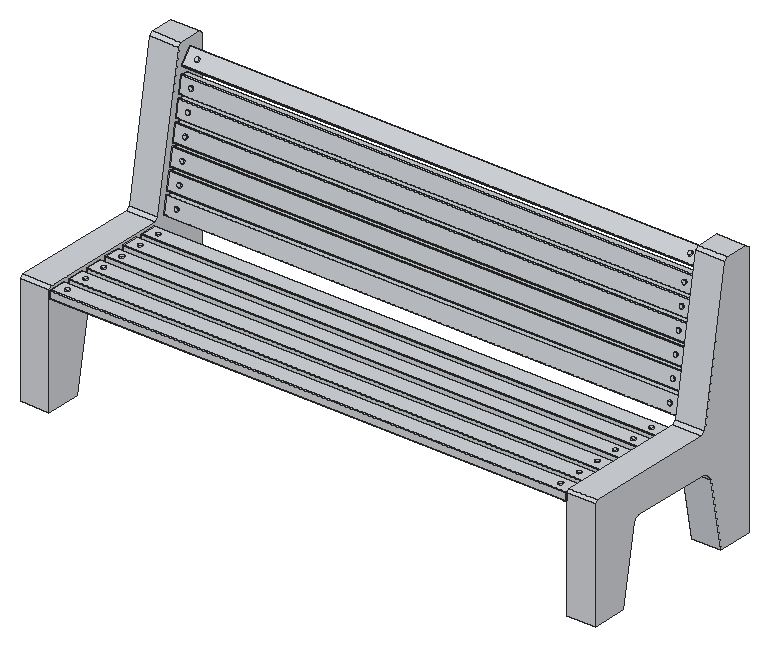
Revit family "Скамейка гранитная ГС-021", category Мебель, Revit 2017
Family settings
  Номер OmniClass = 23.40.20.00
  Заголовок OmniClass = General Furniture and Specialties
  На основе рабочей плоскости = Нет
  Всегда вертикально = Да
  При загрузке вырезать с полостями = Нет
  Общий = Нет
  Точка расчета площади = Нет
Parameters (values of type "Скамейка гранитная ГС-021")
  Стоимость = 62200
  Изготовитель = "ООО \"Хоббика\""
  Длина доски = ADSK_Размер_Длина - 200 mm  # 1800 mm
  URL = "https://hobbyka.ru/product/skameika_granitnaia_gs-021/?sphrase_id=61006"
  ADSK_Размер_Толщина опры = 100 mm
  ADSK_Размер_Длина = 2000 mm
  ADSK_Размер_Высота спинки = 461 mm
  ADSK_Размер_Высота сидения = 459 mm
  ADSK_Размер_Высота = 900 mm
  ADSK_Наименование = "Скамейка гранитная ГС-021"
  ADSK_Материал фурнитуры = none
  ADSK_Материал опоры = none
  ADSK_Материал доски = none
  ADSK_Код изделия = "6908"
Reference planes
  plane 1 "По центру (Вперед/Назад)": y = 0
  plane 2: z = 0
  plane 3 "По центру (Влево/Вправо)": x = 0
  plane 4 "Слева": x = -1000
  plane 5: x = 1000
  plane 6: x = -900.135
  plane 7: x = 899.865
Forms (mm)
  Extrusion 1, solid, material <- "ADSK_Материал опоры"
    sketch origin (0, 0, 0) x (0, 1, 0) y (0, 0, 1)
      loop
        line (-129.665, 237.18) -> (-84.909, 0) -> (35.091, 0) -> (35.091, 890.161) -> (25.091, 900) -> (-54.909, 900) -> (-66.694, 890.161) -> (-155.43, 401.002) -> (-167.215, 391.162) -> (-619.909, 391.162) -> (-629.909, 381.162) -> (-629.909, 0) -> (-509.909, 0) -> (-462.979, 248.726)
        arc (-462.979, 248.726) -> (-456.087, 260.403) -> (-443.33, 265) r 20
        line (-443.33, 265) -> (-163.243, 265.002)
        arc (-163.243, 265.002) -> (-141.44, 257.143) -> (-129.665, 237.18) r 34.174
    from -1000 to -900.135
  Extrusion 2, solid, not visible
    sketch origin (0, 0, 0) x (1, 0, 0) y (0, 1, 0)
      loop
        line (-900.135, -571.909) -> (899.596, -571.909) -> (899.596, 78.372) -> (-900.135, 35.091) -> (-900.135, -571.909)
    from 0 to 353.162
  Extrusion 3, solid, not visible
    sketch origin (0, 0, 0) x (0, 1, 0) y (0, 0, 1)
      loop
        line (-113.619, 353.162) -> (0, 353.162) -> (0, 857.835) -> (-28.078, 824.705) -> (-113.619, 353.162)
    from 0 to 250
  Extrusion 4, solid, material <- "ADSK_Материал опоры"
    sketch origin (0, 0, 0) x (0, 1, 0) y (0, 0, -1)
      loop
        arc (-129.665, -237.18) -> (-141.44, -257.143) -> (-163.243, -265.002) r 34.174
        line (-163.243, -265.002) -> (-443.33, -265)
        arc (-443.33, -265) -> (-456.087, -260.403) -> (-462.979, -248.726) r 20
        line (-462.979, -248.726) -> (-509.909, 0) -> (-629.909, 0) -> (-629.909, -381.162) -> (-619.909, -391.162) -> (-167.215, -391.162) -> (-155.43, -401.002) -> (-66.694, -890.161) -> (-54.909, -900) -> (25.091, -900) -> (35.091, -890.161) -> (35.091, 0) -> (-84.909, 0) -> (-129.665, -237.18)
    from -899.865 to -1000
Dimensions and locks
  equal spacing: plane 4 "Слева", plane 3 "По центру (Влево/Вправо)", plane 5
  "ADSK_Размер_Длина": plane 4 "Слева" to plane 5
  locked: plane 4 "Слева" to plane 6 at 99.865
  locked: plane 5 to plane 7 at 100.135
  plane 6 to plane 7 = 1800 mm
  aligned and locked: level to plane 2
  aligned and locked: Extrusion 1 to plane 4 "Слева"
  aligned and locked: plane 6 to Extrusion 1
  aligned and locked: plane 6 to nested 1
  aligned and locked: nested 13 to plane 6
  aligned and locked: nested 8 to plane 6
  aligned and locked: nested 7 to plane 6
  aligned and locked: nested 9 to plane 6
  aligned and locked: nested 11 to plane 6
  aligned and locked: nested 10 to plane 6
  aligned and locked: nested 12 to plane 6
  aligned and locked: plane 6 to nested 2
  aligned and locked: plane 6 to nested 3
  aligned and locked: plane 6 to nested 4
  aligned and locked: plane 6 to nested 5
  aligned and locked: plane 6 to nested 6
  aligned and locked: plane 5 to Extrusion 4
  aligned and locked: Extrusion 4 to plane 7
Automatic sketch dimensions
  Extrusion 1 sketch curve to level = 0 mm  (x2)
  plane 1 "По центру (Вперед/Назад)" to Extrusion 1 sketch curve = 629.909 mm
  Extrusion 1 sketch curve to Extrusion 1 sketch curve = 10 mm
  Extrusion 1 sketch curve to Extrusion 1 sketch curve = 120 mm
  Extrusion 1 sketch curve to Extrusion 1 sketch curve = 156.929 mm
  Extrusion 1 sketch curve to Extrusion 1 sketch curve = 19.65 mm
  plane 1 "По центру (Вперед/Назад)" to Extrusion 1 sketch curve = 167.215 mm
  Extrusion 1 sketch curve to Extrusion 1 sketch curve = 3.972 mm
  Extrusion 1 sketch curve to Extrusion 1 sketch curve = 11.785 mm  (x2)
  Extrusion 1 sketch curve to Extrusion 1 sketch curve = 33.578 mm
  plane 1 "По центру (Вперед/Назад)" to Extrusion 1 sketch curve = 84.909 mm
  plane 1 "По центру (Вперед/Назад)" to Extrusion 1 sketch curve = 66.694 mm
  Extrusion 1 sketch curve to plane 1 "По центру (Вперед/Назад)" = 25.091 mm
  Extrusion 1 sketch curve to plane 1 "По центру (Вперед/Назад)" = 35.091 mm
  level to Extrusion 1 sketch curve = 230.828 mm
  Extrusion 1 sketch curve to Extrusion 1 sketch curve = 6.352 mm
  Extrusion 1 sketch curve to Extrusion 1 sketch curve = 20.002 mm
  Extrusion 1 sketch curve to Extrusion 1 sketch curve = 3.726 mm
  Extrusion 1 sketch curve to Extrusion 1 sketch curve = 132.436 mm
  Extrusion 1 sketch curve to Extrusion 1 sketch curve = 126.161 mm
  Extrusion 1 sketch curve to Extrusion 1 sketch curve = 9.839 mm  (x2)
  Extrusion 1 sketch curve to Extrusion 1 sketch curve = 489.159 mm
  Extrusion 1 sketch curve to Extrusion 1 sketch curve = 0 mm  (x2)
  Extrusion 2 sketch curve to plane 6 = 0 mm
  plane 7 to Extrusion 2 sketch curve = 0.269 mm
  plane 1 "По центру (Вперед/Назад)" to Extrusion 2 sketch curve = 571.909 mm
  Extrusion 2 sketch curve to plane 1 "По центру (Вперед/Назад)" = 35.091 mm
  Extrusion 2 sketch curve to plane 1 "По центру (Вперед/Назад)" = 78.372 mm
  Extrusion 3 sketch curve to plane 1 "По центру (Вперед/Назад)" = 0 mm
  plane 1 "По центру (Вперед/Назад)" to Extrusion 3 sketch curve = 28.078 mm
  plane 1 "По центру (Вперед/Назад)" to Extrusion 3 sketch curve = 113.619 mm
  level to Extrusion 3 sketch curve = 353.162 mm
  Extrusion 3 sketch curve to Extrusion 3 sketch curve = 471.543 mm
  Extrusion 3 sketch curve to Extrusion 3 sketch curve = 33.13 mm
  Extrusion 4 sketch curve to level = 0 mm  (x2)
  plane 1 "По центру (Вперед/Назад)" to Extrusion 4 sketch curve = 629.909 mm
  Extrusion 4 sketch curve to Extrusion 4 sketch curve = 10 mm  (x2)
  Extrusion 4 sketch curve to Extrusion 4 sketch curve = 120 mm
  Extrusion 4 sketch curve to Extrusion 4 sketch curve = 156.929 mm
  Extrusion 4 sketch curve to Extrusion 4 sketch curve = 19.65 mm
  plane 1 "По центру (Вперед/Назад)" to Extrusion 4 sketch curve = 167.215 mm
  Extrusion 4 sketch curve to Extrusion 4 sketch curve = 3.972 mm
  Extrusion 4 sketch curve to Extrusion 4 sketch curve = 11.785 mm  (x2)
  Extrusion 4 sketch curve to Extrusion 4 sketch curve = 33.578 mm
  plane 1 "По центру (Вперед/Назад)" to Extrusion 4 sketch curve = 84.909 mm
  plane 1 "По центру (Вперед/Назад)" to Extrusion 4 sketch curve = 66.694 mm
  Extrusion 4 sketch curve to plane 1 "По центру (Вперед/Назад)" = 25.091 mm
  Extrusion 4 sketch curve to plane 1 "По центру (Вперед/Назад)" = 35.091 mm
  level to Extrusion 4 sketch curve = 230.828 mm
  Extrusion 4 sketch curve to Extrusion 4 sketch curve = 6.352 mm
  Extrusion 4 sketch curve to Extrusion 4 sketch curve = 20.002 mm
  Extrusion 4 sketch curve to Extrusion 4 sketch curve = 3.726 mm
  Extrusion 4 sketch curve to Extrusion 4 sketch curve = 132.436 mm
  Extrusion 4 sketch curve to Extrusion 4 sketch curve = 9.839 mm  (x2)
  Extrusion 4 sketch curve to Extrusion 4 sketch curve = 489.159 mm
  Extrusion 4 sketch curve to Extrusion 4 sketch curve = 0 mm  (x2)
Nested families
  nested 1: "Доска" at (-900.135, -629.909, 353.162), Длина доски <- "Длина доски", Материал <- "ADSK_Материал доски", Материал фурнитуры <- "ADSK_Материал фурнитуры", type "Доска"
    with Материал фурнитуры none, Материал none, Длина доски 1800 mm
  nested 2: "Доска" at (-900.135, -551.052, 353.162), Длина доски <- "Длина доски", Материал <- "ADSK_Материал доски", Материал фурнитуры <- "ADSK_Материал фурнитуры", type "Доска"
    with Материал фурнитуры none, Материал none, Длина доски 1800 mm
  nested 3: "Доска" at (-900.135, -472.195, 353.162), Длина доски <- "Длина доски", Материал <- "ADSK_Материал доски", Материал фурнитуры <- "ADSK_Материал фурнитуры", type "Доска"
    with Материал фурнитуры none, Материал none, Длина доски 1800 mm
  nested 4: "Доска" at (-900.135, -393.338, 353.162), Длина доски <- "Длина доски", Материал <- "ADSK_Материал доски", Материал фурнитуры <- "ADSK_Материал фурнитуры", type "Доска"
    with Материал фурнитуры none, Материал none, Длина доски 1800 mm
  nested 5: "Доска" at (-900.135, -314.48, 353.162), Длина доски <- "Длина доски", Материал <- "ADSK_Материал доски", Материал фурнитуры <- "ADSK_Материал фурнитуры", type "Доска"
    with Материал фурнитуры none, Материал none, Длина доски 1800 mm
  nested 6: "Доска" at (-900.135, -235.623, 353.162), Длина доски <- "Длина доски", Материал <- "ADSK_Материал доски", Материал фурнитуры <- "ADSK_Материал фурнитуры", type "Доска"
    with Материал фурнитуры none, Материал none, Длина доски 1800 mm
  nested 7: "Доска" at (899.865, -95.502, 453.031) x (-1, 0, 0) z (0, -0.9839, 0.1785), Длина доски <- "Длина доски", Материал <- "ADSK_Материал доски", Материал фурнитуры <- "ADSK_Материал фурнитуры", type "Доска"
    with Материал фурнитуры none, Материал none, Длина доски 1800 mm
  nested 8: "Доска" at (899.865, -82.84, 522.832) x (-1, 0, 0) z (0, -0.9839, 0.1785), Длина доски <- "Длина доски", Материал <- "ADSK_Материал доски", Материал фурнитуры <- "ADSK_Материал фурнитуры", type "Доска"
    with Материал фурнитуры none, Материал none, Длина доски 1800 mm
  nested 9: "Доска" at (899.865, -70.178, 592.633) x (-1, 0, 0) z (0, -0.9839, 0.1785), Длина доски <- "Длина доски", Материал <- "ADSK_Материал доски", Материал фурнитуры <- "ADSK_Материал фурнитуры", type "Доска"
    with Материал фурнитуры none, Материал none, Длина доски 1800 mm
  nested 10: "Доска" at (899.865, -57.515, 662.434) x (-1, 0, 0) z (0, -0.9839, 0.1785), Длина доски <- "Длина доски", Материал <- "ADSK_Материал доски", Материал фурнитуры <- "ADSK_Материал фурнитуры", type "Доска"
    with Материал фурнитуры none, Материал none, Длина доски 1800 mm
  nested 11: "Доска" at (899.865, -44.853, 732.235) x (-1, 0, 0) z (0, -0.9839, 0.1785), Длина доски <- "Длина доски", Материал <- "ADSK_Материал доски", Материал фурнитуры <- "ADSK_Материал фурнитуры", type "Доска"
    with Материал фурнитуры none, Материал none, Длина доски 1800 mm
  nested 12: "Доска" at (899.865, -32.191, 802.035) x (-1, 0, 0) z (0, -0.9839, 0.1785), Длина доски <- "Длина доски", Материал <- "ADSK_Материал доски", Материал фурнитуры <- "ADSK_Материал фурнитуры", type "Доска"
    with Материал фурнитуры none, Материал none, Длина доски 1800 mm
  nested 13: "Доска" at (899.865, 1.293, 859.361) x (-1, 0, 0) z (0, -0.7629, 0.6465), Длина доски <- "Длина доски", Материал <- "ADSK_Материал доски", Материал фурнитуры <- "ADSK_Материал фурнитуры", type "Доска"
    with Материал фурнитуры none, Материал none, Длина доски 1800 mm
Definition of nested family "Доска"
  Parameters (values of type "Доска")
    Default Elevation = 0 mm
    Материал фурнитуры [instance] = none
    Материал [instance] = none
    Длина доски [instance] = 1500 mm
  Reference planes
    plane 1 "По центру (Вперед/Назад)": y = 0
    plane 2: z = 0
    plane 3 "По центру (Влево/Вправо)": x = 0
    plane 4 "1": x = 4
    plane 5: x = 40
    plane 6: y = 30
    plane 7: x = 1456
    plane 8 "2": x = 1496
    plane 9 "Справа": x = 1500
  Forms (mm)
    Extrusion 1, solid
      sketch origin (0, 0, 0) x (1, 0, 0) y (0, 1, 0)
        loop
          line (-1219.2, 1219.2) -> (-1219.2, -1219.2) -> (1219.2, -1219.2) -> (1219.2, 1219.2) -> (-1219.2, 1219.2)
      from 0 to -304.8
    Extrusion 2, solid, material <- "Материал"
      sketch origin (0, 0, -353.162) x (0, 1, 0) y (0, 0, 1)
        loop
          line (2, 383.154) -> (0, 381.162) -> (0, 355.162) -> (2, 353.162) -> (58, 353.162) -> (60, 355.162) -> (60, 381.162) -> (58, 383.154) -> (2, 383.154)
      from 4 to 1496
    Blend 3, solid, material <- "Материал"
      base sketch origin (0, 0, -353.162) x (0, 1, 0) y (0, 0, 1)
        loop
          line (58, 383.162) -> (2, 383.162) -> (0, 381.162) -> (0, 355.162) -> (2, 353.162) -> (58, 353.162) -> (60, 355.162) -> (60, 381.162) -> (58, 383.162)
      top sketch origin (4, 0, -353.162) x (0, 1, 0) y (0, 0, 1)
        loop
          line (2.828, 381.162) -> (2, 380.334) -> (2, 355.991) -> (2.828, 355.162) -> (57.172, 355.162) -> (58, 355.991) -> (58, 380.334) -> (57.172, 381.162) -> (2.828, 381.162)
      from 4 to -4
    Extrusion 4, solid, material <- "Материал фурнитуры"
      sketch origin (0, 0, 0) x (1, 0, 0) y (0, 1, 0)
        loop
          circle (40, 30) r 7
        loop
          circle (1456, 30) r 7
      from 30.96 to 29.992
    Blend 5, solid
      base sketch origin (1496, 0, -353.171) x (0, 1, 0) y (0, 0, 1)
        loop
          line (58, 383.154) -> (2, 383.154) -> (0, 381.162) -> (0, 355.162) -> (2, 353.162) -> (58, 353.162) -> (60, 355.162) -> (60, 381.162) -> (58, 383.154)
      top sketch origin (0, 0, -353.171) x (0, 1, 0) y (0, 0, 1)
        loop
          line (2, 380.334) -> (2, 355.991) -> (2.828, 355.162) -> (57.172, 355.162) -> (58, 355.991) -> (58, 380.334) -> (57.172, 381.162) -> (2.828, 381.162) -> (2, 380.334)
      from 0 to 1500
  Dimensions and locks
    plane 3 "По центру (Влево/Вправо)" to plane 5 = 40 mm
    locked: Extrusion 4 to Extrusion 2 at 0.968
    "Длина доски": plane 3 "По центру (Влево/Вправо)" to plane 9 "Справа"
    plane 3 "По центру (Влево/Вправо)" to Blend 3 = 4 mm
    locked: plane 7 to plane 8 "2" at 40
    locked: plane 8 "2" to plane 9 "Справа" at 4
    aligned and locked: plane 2 to Extrusion 1
    aligned and locked: level to Extrusion 1
    aligned and locked: Extrusion 4 to Extrusion 2
    aligned and locked: Blend 3 to plane 3 "По центру (Влево/Вправо)"
    aligned and locked: plane 4 "1" to Blend 3
    aligned and locked: Extrusion 2 to plane 4 "1"
    aligned and locked: plane 8 "2" to Extrusion 2
    aligned and locked: plane 9 "Справа" to Blend 5
    aligned and locked: Extrusion 2 to Extrusion 1  (x2)
    aligned and locked: Extrusion 1 to Blend 3
  Automatic sketch dimensions
    Extrusion 1 sketch curve to Extrusion 1 sketch curve = 2438.4 mm  (x2)
    Extrusion 2 sketch curve to plane 1 "По центру (Вперед/Назад)" = 0 mm
    Extrusion 2 sketch curve to plane 1 "По центру (Вперед/Назад)" = 2 mm  (x2)
    plane 6 to Extrusion 2 sketch curve = 28 mm  (x2)
    Extrusion 2 sketch curve to Extrusion 2 sketch curve = 2 mm  (x3)
    level to Extrusion 2 sketch curve = 0 mm
    Extrusion 2 sketch curve to Extrusion 2 sketch curve = 26 mm  (x2)
    Extrusion 2 sketch curve to Extrusion 2 sketch curve = 1.992 mm
    Blend 3 sketch curve to plane 1 "По центру (Вперед/Назад)" = 0 mm
    Blend 3 sketch curve to plane 1 "По центру (Вперед/Назад)" = 2 mm  (x3)
    plane 6 to Blend 3 sketch curve = 28 mm  (x2)
    Blend 3 sketch curve to Blend 3 sketch curve = 2 mm  (x4)
    Blend 3 sketch curve to level = 0 mm
    Blend 3 sketch curve to Blend 3 sketch curve = 26 mm  (x2)
    Blend 3 sketch curve to Blend 3 sketch curve = 0.828 mm  (x6)
    plane 6 to Blend 3 sketch curve = 27.172 mm
    Blend 3 sketch curve to Blend 3 sketch curve = 0 mm
    level to Blend 3 sketch curve = 2 mm
    Blend 3 sketch curve to Blend 3 sketch curve = 24.343 mm  (x2)
    Extrusion 4 sketch curve to plane 5 = 0 mm
    plane 6 to Extrusion 4 sketch curve = 0 mm
    Extrusion 4 sketch curve to plane 7 = 0 mm
    Extrusion 4 sketch curve to plane 6 = 0 mm
    Blend 5 sketch curve to plane 1 "По центру (Вперед/Назад)" = 0 mm
    Blend 5 sketch curve to plane 1 "По центру (Вперед/Назад)" = 2 mm  (x2)
    level to Blend 5 sketch curve = 29.983 mm
    plane 6 to Blend 5 sketch curve = 28 mm  (x2)
    Blend 5 sketch curve to Blend 5 sketch curve = 1.992 mm  (x2)
    Blend 5 sketch curve to Blend 5 sketch curve = 26 mm
    Blend 5 sketch curve to Blend 5 sketch curve = 2 mm  (x3)
    Blend 5 sketch curve to plane 1 "По центру (Вперед/Назад)" = 2.828 mm
    level to Blend 5 sketch curve = 27.992 mm
    Blend 5 sketch curve to Blend 5 sketch curve = 0.828 mm  (x7)
    plane 6 to Blend 5 sketch curve = 27.172 mm
    Blend 5 sketch curve to Blend 5 sketch curve = 24.343 mm
    Blend 5 sketch curve to Blend 5 sketch curve = 0 mm
    radius of Extrusion 4 sketch curve = 7 mm  (x2)
